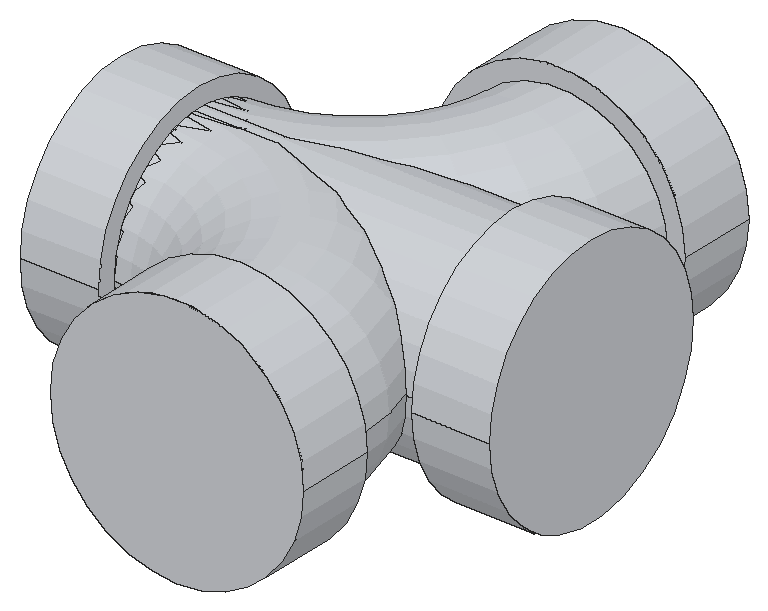
Revit family "M_T de esgoto duplo - PVC - Sch 40 - DWV", category Conexões de tubo, Revit 2019
Family settings
  Cota do conector redondo = Usar raio
  Tipo de parte = Cruzeta
  Número OmniClass = 23.60.30.11.14
  Título OmniClass = Pipework Fittings
  ID de item do Seek = Tee Double Sanitary - PVC - Sch 40 - DWV-0000-CAN-ENU
  Com base no plano de trabalho = Não
  Sempre na vertical = Sim
  Corte com vazios quando carregada = Não
  Compartilhado = Não
Parameters (values of type "Padrão")
  Espessura da parede [instance] = size_lookup(Nome da tabela de pesquisa, "WThk", 0.02 * Diâmetro nominal + 3.274 mm, Diâmetro nominal)  # 3.962 mm
  Tamanho da marca de revisão [instance] = Diâmetro externo da conexão * 0.4  # 19.304 mm
  Raio externo do soquete [instance] = Diâmetro externo do soquete / 2  # 28.283 mm
  Diâmetro externo do soquete [instance] = Diâmetro da entrada do soquete + Espessura da parede * 2  # 56.566 mm
  Diâmetro da entrada do soquete [instance] = size_lookup(Nome da tabela de pesquisa, "SED", 1.04 * Diâmetro nominal + 9.426 mm, Diâmetro nominal)  # 48.641 mm
  Profundidade do soquete [instance] = size_lookup(Nome da tabela de pesquisa, "SDpt", 0.5 * Diâmetro nominal, Diâmetro nominal)  # 17.45 mm
  Execução do inferior do soquete até o inferior do soquete [instance] = size_lookup(Nome da tabela de pesquisa, "SBtSBR", 1.32 * Diâmetro nominal + 23.118 mm, Diâmetro nominal)  # 69.85 mm
  Raio 4 [instance] = if(Comprimento 9 = Profundidade do soquete, Diâmetro externo do soquete / 2, Raio externo da conexão)  # 28.283 mm
  Raio 3 [instance] = if(Comprimento 9 = Profundidade do soquete, Raio externo do soquete, Raio externo da conexão)  # 28.283 mm
  Raio 2 [instance] = if(Comprimento 8 = Profundidade do soquete, Diâmetro externo do soquete / 2, Raio externo da conexão)  # 28.283 mm
  Raio 1 [instance] = if(Comprimento 8 = Profundidade do soquete, Raio externo do soquete, Raio externo da conexão)  # 28.283 mm
  Ângulo mínimo 12 [instance] = if(Ângulo 1 < Ângulo 2, Ângulo 1, Ângulo 2)  # 90.00°
  Método de perda = Não definido
  Nome da tabela de pesquisa = "M_Tee Double Sanitary - PVC - Sch 40 - DWV"
  Comprimento 9 [instance] = if(Comprimento 7 > Raio externo do soquete, Profundidade do soquete, if((Raio externo do soquete * cos(Ângulo 2) + Raio externo do soquete - Comprimento 5) / sin(Ângulo 2) > 3.175 mm, (Raio externo do soquete * cos(Ângulo 2) + Raio externo do soquete - Comprimento 5) / sin(Ângulo 2), 3.175 mm))  # 17.45 mm
  Comprimento 8 [instance] = if(Comprimento 6 > Raio externo do soquete, Profundidade do soquete, if((Raio externo do soquete * cos(Ângulo 1) + Raio externo do soquete - Comprimento 4) / sin(Ângulo 1) > 3.175 mm, (Raio externo do soquete * cos(Ângulo 1) + Raio externo do soquete - Comprimento 4) / sin(Ângulo 1), 3.175 mm))  # 17.45 mm
  Comprimento 7 [instance] = Comprimento 5 - Raio externo do soquete * cos(Ângulo 2)  # 44.45 mm
  Comprimento 6 [instance] = Comprimento 4 - Raio externo do soquete * cos(Ângulo 1)  # 44.45 mm
  Comprimento 5 [instance] = Raio do centro 2 * (1 - cos(Ângulo 2))  # 44.45 mm
  Comprimento 4 [instance] = Raio do centro 1 * (1 - cos(Ângulo 1))  # 44.45 mm
  Comprimento 3 [instance] = if(Execução do inferior do soquete até o inferior do soquete - Execução do centro até o soquete inferior > 3.175 mm, Execução do inferior do soquete até o inferior do soquete - Execução do centro até o soquete inferior, 3.175 mm)  # 25.4 mm
  Comprimento 2 [instance] = 0 mm  # constant formula
  Comprimento 19 [instance] = if(Comprimento 9 = Profundidade do soquete, Profundidade do soquete, Profundidade do soquete + Comprimento 9)  # 17.45 mm
  Comprimento 18 [instance] = if(Comprimento 8 = Profundidade do soquete, Profundidade do soquete, Profundidade do soquete + Comprimento 8)  # 17.45 mm
  Comprimento 17 [instance] = Comprimento 12 + 4572 mm  # 4616.45 mm
  Comprimento 16 [instance] = Comprimento 10 + 4572 mm  # 4616.45 mm
  Comprimento 15 [instance] = if(Ângulo mínimo 12 < 90.00°, if(Centro para legenda da ramificação inferior do soquete + Comprimento 3 > Comprimento 14, Comprimento 3, Comprimento 14 - Centro para legenda da ramificação inferior do soquete), Comprimento 3)  # 25.4 mm
  Comprimento 14 [instance] = if(Comprimento 10 > Comprimento 12, Comprimento 10 - cos(Ângulo 1) * Profundidade do soquete + Raio externo do soquete * sin(Ângulo 1), Comprimento 12 - cos(Ângulo 2) * Profundidade do soquete + Raio externo do soquete * sin(Ângulo 2))  # 72.733 mm
  Comprimento 13 [instance] = if(Comprimento 7 > Raio externo do soquete, Comprimento 5 + Profundidade do soquete * sin(Ângulo 2), Comprimento 5 + (Comprimento 9 + Profundidade do soquete) * sin(Ângulo 2))  # 61.9 mm
  Comprimento 12 [instance] = if(Comprimento 7 > Raio externo do soquete, Raio do centro 2 * sin(Ângulo 2) + Profundidade do soquete * cos(Ângulo 2), Raio do centro 2 * sin(Ângulo 2) + (Comprimento 9 + Profundidade do soquete) * cos(Ângulo 2))  # 44.45 mm
  Comprimento 11 [instance] = if(Comprimento 6 > Raio externo do soquete, Comprimento 4 + Profundidade do soquete * sin(Ângulo 1), Comprimento 4 + (Comprimento 8 + Profundidade do soquete) * sin(Ângulo 1))  # 61.9 mm
  Comprimento 10 [instance] = if(Comprimento 6 > Raio externo do soquete, Raio do centro 1 * sin(Ângulo 1) + Profundidade do soquete * cos(Ângulo 1), Raio do centro 1 * sin(Ângulo 1) + (Comprimento 8 + Profundidade do soquete) * cos(Ângulo 1))  # 44.45 mm
  Comprimento 1 [instance] = if(Raio externo da conexão * tan(Ângulo 1 / 2) > Raio externo da conexão * tan(Ângulo 2 / 2), Raio externo da conexão * tan(Ângulo 1 / 2), Raio externo da conexão * tan(Ângulo 2 / 2))  # 24.13 mm
  Raio do centro 1 [instance] = Centro para legenda da ramificação inferior do soquete / tan(Ângulo 1 / 2)  # 44.45 mm
  Raio nominal [instance] = 20 mm
  Diâmetro nominal [instance] = Raio nominal * 2  # 40 mm
  Raio do centro 2 [instance] = Centro para legenda da ramificação inferior do soquete / tan(Ângulo 2 / 2)  # 44.45 mm
  Centro para legenda da ramificação inferior do soquete [instance] = if(Comprimento 1 < Centro para ramificação inferior do soquete, Centro para ramificação inferior do soquete, Comprimento 1 + 3.175 mm)  # 44.45 mm
  Raio externo da conexão [instance] = Diâmetro externo da conexão / 2  # 24.13 mm
  Diâmetro externo da conexão [instance] = size_lookup(Nome da tabela de pesquisa, "FOD", 1.04 * Diâmetro nominal + 9.128 mm, Diâmetro nominal)  # 48.26 mm
  Execução do centro até o soquete inferior [instance] = Centro para ramificação inferior do soquete  # 44.45 mm
  Centro para ramificação inferior do soquete [instance] = size_lookup(Nome da tabela de pesquisa, "CtSBB", 0.83 * Diâmetro nominal + 14.486 mm, Diâmetro nominal)  # 44.45 mm
  Ângulo 2 [instance] = 90.00°
  Ângulo 1 [instance] = 90.00°
Reference planes
  plane 1 "Centro (Frente/Trás)": y = 0
  plane 2: z = 0
  plane 3 "Centro (Esquerda/Direita)": x = 0
  plane 4: x = -44.45
  plane 5: y = 44.45
  plane 6: y = -44.45
  plane 7: x = -44.45
  plane 8: x = 25.4
  plane 9: x = -61.9
  plane 10: x = 42.85
  plane 11: x = -4616.45
  plane 12: y = -61.9
  plane 13: x = 0
  plane 14: y = 61.9
  plane 15: x = 0
Forms (mm)
  Sweep 1, solid, detail levels fine
    path in 3D
      loop
        arc (-44.45, 0, 0) -> (-13.019, 13.019, 0) -> (0, 44.45, 0) r 44.45
    profile origin (-13.019, 13.019, 0) x (-0.707107, 0.707107, 0) y (0, 0, 1)
      loop
        circle (0, 0) r 24.13
  Sweep 2, solid, detail levels fine
    path in 3D
      loop
        line (-61.9, 0, 0) -> (-44.45, 0, 0)
    profile origin (-53.175, 0, 0) x (0, 1, 0) y (0, 0, 1)
      loop
        circle (0, 0) r 28.283
  Sweep 3, solid, detail levels fine
    path in 3D
      loop
        line (25.4, 0, 0) -> (42.85, 0, 0)
    profile origin (34.125, 0, 0) x (0, 1, 0) y (0, 0, 1)
      loop
        circle (0, 0) r 28.283
  Blend 4, solid, detail levels fine
    base sketch origin (0, 0, 0) x (0, 1, 0) y (0, 0, 1)
      loop
        circle (0, 0) r 24.13
    top sketch origin (0, 0, 0) x (0, 1, 0) y (0, 0, 1)
      loop
        circle (0, 0) r 24.13
    from -44.45 to 25.4
  Sweep 5, solid, detail levels fine
    path in 3D
      loop
        line (0, 44.45, 0) -> (0, 61.9, 0)
    profile origin (0, 53.175, 0) x (-1, 0, 0) y (0, 0, 1)
      loop
        circle (0, 0) r 28.283
  Sweep 6, solid, detail levels fine
    path origin (0, 0, 0) x (1, 0, 0) y (0, 1, 0)
      loop
        line (0, 61.9) -> (0, 44.45)
    profile origin (0, 53.175, 0) x (1, 0, 0) y (0, 0, 1)
      loop
        circle (0, 0) r 28.283
  Sweep 7, solid, detail levels fine
    path in 3D
      loop
        arc (-44.45, 0, 0) -> (-13.019, -13.019, 0) -> (0, -44.45, 0) r 44.45
    profile origin (-13.019, -13.019, 0) x (0.707107, 0.707107, 0) y (0, 0, 1)
      loop
        circle (0, 0) r 24.13
  Sweep 8, solid, detail levels fine
    path in 3D
      loop
        line (0, -61.9, 0) -> (0, -44.45, 0)
    profile origin (0, -53.175, 0) x (-1, 0, 0) y (0, 0, 1)
      loop
        circle (0, 0) r 24.13
  Sweep 9, solid, detail levels fine
    path origin (0, 0, 0) x (1, 0, 0) y (0, 1, 0)
      loop
        line (0, -61.9) -> (0, -44.45)
    profile origin (0, -53.175, 0) x (-1, 0, 0) y (0, 0, 1)
      loop
        circle (0, 0) r 28.283
Cuts and joins
  joined: Sweep 2, Sweep 3, Blend 4
  joined: Sweep 1, Sweep 5, Sweep 6
  joined: Sweep 7, Sweep 8, Sweep 9
Lines and regions (mm)
  model lines, detail levels coarse+medium
    curve 1: arc (-44.45, 0, 0) -> (-13.019, 13.019, 0) -> (0, 44.45, 0) r 44.45
    curve 2: line (-44.45, 0, 0) -> (25.4, 0, 0)
    curve 4: line (0, 44.45, 0) -> (0, 61.9, 0)
    curve 5: line (-61.9, 0, 0) -> (-44.45, 0, 0)
    curve 7: line (25.4, 0, 0) -> (42.85, 0, 0)
    curve 9: line (-61.9, 0, 0) -> (-61.9, 19.304, 0)
    curve 10: line (-61.9, 0, 0) -> (-61.9, -19.304, 0)
    curve 11: line (42.85, 0, 0) -> (42.85, 19.304, 0)
    curve 12: line (42.85, 0, 0) -> (42.85, -19.304, 0)
    curve 14: line (0, 61.9, 0) -> (19.304, 61.9, 0)
    curve 15: line (0, 61.9, 0) -> (-19.304, 61.9, 0)
    curve 18: arc (-44.45, 0, 0) -> (-13.019, -13.019, 0) -> (0, -44.45, 0) r 44.45
    curve 19: line (0, -61.9, 0) -> (0, -44.45, 0)
    curve 22: line (0, -61.9, 0) -> (19.304, -61.9, 0)
    curve 23: line (0, -61.9, 0) -> (-19.304, -61.9, 0)
  sketch lines
    curve 3: arc (-44.45, 0, 0) -> (-13.019, 13.019, 0) -> (0, 44.45, 0) r 44.45
    curve 6: line (-61.9, 0, 0) -> (-44.45, 0, 0)
    curve 8: line (25.4, 0, 0) -> (42.85, 0, 0)
    curve 13: line (0, 44.45, 0) -> (0, 61.9, 0)
    curve 20: arc (-44.45, 0, 0) -> (-13.019, -13.019, 0) -> (0, -44.45, 0) r 44.45
    curve 21: line (0, -61.9, 0) -> (0, -44.45, 0)
  reference lines
    curve 16: line (-61.9, 0, 0) -> (-44.45, 0, 0)
    curve 17: line (0, 61.9, 0) -> (0, 44.45, 0)
Dimensions and locks
  "Centro para legenda da ramificação inferior do soquete": plane 4 to plane 3 "Centro (Esquerda/Direita)"
  "Raio do centro 2": plane 5 to plane 1 "Centro (Frente/Trás)"
  "Raio do centro 1": plane 6 to plane 1 "Centro (Frente/Trás)"
  "Comprimento 19": curve 4 to curve 4
  "Profundidade do soquete": plane 10 to plane 8
  "Profundidade do soquete": plane 9 to plane 7
  "Comprimento 2": plane 7 to plane 4
  "Comprimento 15": plane 3 "Centro (Esquerda/Direita)" to plane 8
  "Tamanho da marca de revisão": plane 1 "Centro (Frente/Trás)" to curve 9
  "Tamanho da marca de revisão": curve 10 to plane 1 "Centro (Frente/Trás)"
  equal spacing: curve 12, plane 1 "Centro (Frente/Trás)", curve 11
  "Tamanho da marca de revisão": curve 12 to plane 1 "Centro (Frente/Trás)"
  "Comprimento 11": plane 12 to plane 1 "Centro (Frente/Trás)"
  "Comprimento 13": plane 14 to plane 1 "Centro (Frente/Trás)"
  "Tamanho da marca de revisão": curve 14 to curve 14
  "Tamanho da marca de revisão": curve 15 to curve 15
  locked: plane 11 to plane 4 at 4572
  "Comprimento 17": plane 11 to plane 15
  "Comprimento 16": plane 11 to plane 13
  "Profundidade do soquete": Sweep 6 sketch curve to Sweep 6 sketch curve
  "Comprimento 18": curve 19 to curve 19
  "Profundidade do soquete": Sweep 9 sketch curve to Sweep 9 sketch curve
  "Tamanho da marca de revisão": curve 22 to curve 22
  "Tamanho da marca de revisão": curve 23 to curve 23
  "Raio do centro 2": radius of curve 1
  "Raio externo da conexão": radius of Sweep 1 sketch curve
  "Raio externo do soquete": radius of Sweep 2 sketch curve
  "Raio externo do soquete": radius of Sweep 3 sketch curve
  "Raio externo da conexão": radius of Blend 4 sketch curve  (x2)
  "Raio 3": radius of Sweep 5 sketch curve
  "Raio externo do soquete": radius of Sweep 6 sketch curve
  "Raio externo da conexão": radius of Sweep 7 sketch curve
  "Raio externo da conexão": radius of Sweep 8 sketch curve
  "Raio externo do soquete": radius of Sweep 9 sketch curve
  "Ângulo 2": angle curve 1 to curve 1
  "Ângulo 2": angle plane 1 "Centro (Frente/Trás)" to curve 4
  "Ângulo 2": angle plane 15 to curve 14
  "Ângulo 2": angle plane 15 to curve 15
  "Ângulo 2": angle plane 14 to curve 17
  "Ângulo 2": angle plane 14 to Sweep 6 sketch curve
  "Ângulo 1": angle curve 18 to curve 18
  "Ângulo 1": angle curve 19 to plane 12
  "Ângulo 1": angle Sweep 9 sketch curve to plane 12
  locked: curve 22 to curve 19 (angle 90.00°)
  locked: curve 19 to curve 23 (angle 90.00°)
  aligned and locked: plane 1 "Centro (Frente/Trás)" to curve 2
  aligned and locked: level to Sweep 1 sketch curve
  aligned and locked: plane 1 "Centro (Frente/Trás)" to curve 5
  aligned and locked: plane 9 to curve 5
  aligned and locked: plane 1 "Centro (Frente/Trás)" to curve 7
  aligned and locked: plane 8 to curve 7
  aligned and locked: plane 10 to curve 7
  aligned and locked: plane 7 to curve 5
  aligned and locked: level to Blend 4 sketch curve  (x2)
  aligned and locked: plane 1 "Centro (Frente/Trás)" to Blend 4 sketch curve  (x2)
  aligned and locked: Blend 4 to plane 7
  aligned and locked: plane 8 to Blend 4
  aligned and locked: plane 9 to curve 16
  aligned and locked: plane 1 "Centro (Frente/Trás)" to curve 16
  aligned and locked: plane 14 to curve 17
  aligned and locked: plane 15 to curve 17
  aligned and locked: plane 14 to Sweep 6 sketch curve
  aligned and locked: plane 15 to Sweep 6 sketch curve
  aligned and locked: plane 4 to curve 18
  aligned and locked: plane 13 to curve 19
  aligned and locked: plane 12 to Sweep 9 sketch curve
  aligned and locked: plane 13 to Sweep 9 sketch curve
  aligned and locked: plane 12 to curve 23
Automatic sketch dimensions
  curve 1 to plane 4 = 0 mm
  curve 16 to plane 4 = 0 mm
  Sweep 1 sketch curve to profile plane = 0 mm
  Sweep 2 sketch curve to profile plane = 0 mm  (x2)
  Sweep 3 sketch curve to profile plane = 0 mm  (x2)
  Sweep 5 sketch curve to profile plane = 0 mm  (x2)
  Sweep 6 sketch curve to level = 0 mm
  profile plane to Sweep 6 sketch curve = 0 mm
  Sweep 7 sketch curve to profile plane = 0 mm  (x2)
  Sweep 8 sketch curve to profile plane = 0 mm  (x2)
  Sweep 9 sketch curve to level = 0 mm
  Sweep 9 sketch curve to profile plane = 0 mm
Connectors
  piping at (-61.9, 0, 0), diameter 40, driven by "Raio nominal"
    settings: on Sweep 2, index 1, connector inside diameter 40 mm, connector length 0 mm, flow factor 0, pipe flow 0.0 L/s, pressure drop 0.0 Pa, fitting loss kfactor 0, connector angle 0.00°, fixture units 0, engagement length 0 mm, angle of deflection 0.00°, flow configuration 0, flow direction 0, fitting loss method 0, system type 28, joint type 0, gender type 0, connector reference index 2, connector utility 0, adjustable connector no, is connector primary yes, connector description ""
  piping at (42.85, 0, 0), diameter 40, driven by "Raio nominal"
    settings: on Sweep 3, index 2, connector inside diameter 40 mm, connector length 0 mm, flow factor 0, pipe flow 0.0 L/s, pressure drop 0.0 Pa, fitting loss kfactor 0, connector angle 0.00°, fixture units 0, engagement length 0 mm, angle of deflection 0.00°, flow configuration 0, flow direction 0, fitting loss method 0, system type 28, joint type 0, gender type 0, connector reference index 1, connector utility 0, adjustable connector no, is connector primary no, connector description ""
  piping at (0, 61.9, 0), diameter 40, driven by "Ângulo 2", driven by "Raio nominal"
    settings: on cut or joined group of Sweep 1, Sweep 5, Sweep 6, index 4, connector inside diameter 40 mm, connector length 0 mm, flow factor 0, pipe flow 0.0 L/s, pressure drop 0.0 Pa, fitting loss kfactor 0, connector angle 90.00°, fixture units 0, engagement length 0 mm, angle of deflection 0.00°, flow configuration 0, flow direction 0, fitting loss method 0, system type 28, joint type 0, gender type 0, connector reference index -1, connector utility 0, adjustable connector no, is connector primary no, connector description ""
  piping at (0, -61.9, 0), diameter 40, driven by "Raio nominal", driven by "Ângulo 1"
    settings: on cut or joined group of Sweep 7, Sweep 8, Sweep 9, index 5, connector inside diameter 40 mm, connector length 0 mm, flow factor 0, pipe flow 0.0 L/s, pressure drop 0.0 Pa, fitting loss kfactor 0, connector angle 90.00°, fixture units 0, engagement length 0 mm, angle of deflection 0.00°, flow configuration 0, flow direction 0, fitting loss method 0, system type 28, joint type 0, gender type 0, connector reference index -1, connector utility 0, adjustable connector no, is connector primary no, connector description ""
